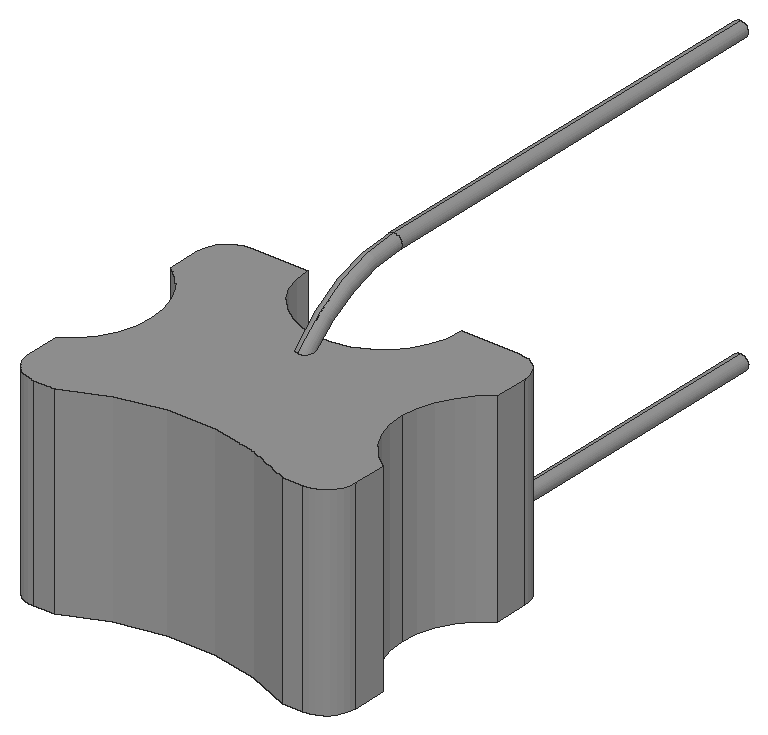
Revit family "Fiberbetonafstandsklods med wire20-25-30", category Generic Models, Revit 2019
Family settings
  Can host rebar = No
  Round Connector Dimension = Use Diameter
  Part Type = Normal
  Work Plane-Based = Yes
  Always vertical = No
  Cut with Voids When Loaded = No
  Shared = No
  Room Calculation Point = No
Parameters
  concrete = GFRC
  Width = 34 mm
  Website Link = "https://haucon.dk/produkt/fiberbetonafstandsklods/#variations"
  Top Curve R = 8 mm
  Top Curve = 0 mm
  Thickness = 21 mm
  Test Report Sheet = "https://haucon.dk/wp-content/uploads/2016/04/1121005-FIBERBETONAFSTANDSKLODS-TEST-ENG-1.pdf"
  Technical Data Sheet = "https://haucon.dk/wp-content/uploads/2016/04/1121005-Fiberbetonafstandsklods-TDS-ENG.pdf"
  Side Curve R = 9 mm
  Side Curve = 5 mm
  Metal = Metal
  Height = 28 mm
  Default Elevation = 1219.2 mm
  Bottom Curve = 22 mm
Reference planes
  plane 1 "Center (Front/Back)": y = 0
  plane 2: z = 0
  plane 3 "Center (Left/Right)": x = 0
  plane 4: y = 28
  plane 5: x = 17
  plane 6: x = -17
  plane 7: x = 22
  plane 8: x = -22
  plane 9: y = 28
  plane 10: y = 14
  plane 11: y = -22
  plane 12: z = 21
  plane 13: z = 10.5
Forms (mm)
  Extrusion 1, solid, material "Concrete, Cast in Situ, Lightweight"
    sketch origin (0, 0, 0) x (1, 0, 0) y (0, 1, 0)
      loop
        arc (-17, 3) -> (-16.121, 0.879) -> (-14, 0) r 3
        line (-14, 0) -> (13.963, 0)
        arc (13.963, 0) -> (16.111, 0.889) -> (17, 3.037) r 3.037
        line (17, 3.037) -> (17, 24.972)
        arc (17, 24.972) -> (16.113, 27.113) -> (13.972, 28) r 3.028
        line (13.972, 28) -> (-14.012, 28)
        arc (-14.012, 28) -> (-16.125, 27.125) -> (-17, 25.012) r 2.988
        line (-17, 25.012) -> (-17, 3)
    from 0 to 21
  Extrusion 2, void
    sketch origin (0, 0, 0) x (1, 0, 0) y (0, 1, 0)
      loop
        circle (22, 14) r 9
    from 0 to 25
  Extrusion 3, void
    sketch origin (0, 0, 0) x (1, 0, 0) y (0, 1, 0)
      loop
        circle (-22, 14) r 9
    from 0 to 25
  Extrusion 4, void
    sketch origin (0, 0, 0) x (1, 0, 0) y (0, 1, 0)
      loop
        circle (0, -22) r 25
    from 0 to 25
  Extrusion 5, void
    sketch origin (0, 0, 0) x (1, 0, 0) y (0, 1, 0)
      loop
        circle (0, 28) r 8
    from 0 to 25
  Sweep 6, solid, material "Aluminum"
    path origin (0, 15, 0) x (0, 1, 0) y (0, 0, 1)
      loop
        line (59.25, 26) -> (14.25, 26)
        arc (14.25, 26) -> (-1.25, 10.5) -> (14.25, -5) r 15.5
        line (14.25, -5) -> (59.25, -5)
    profile origin (0, 51.75, 26) x (0, 0, -1) y (1, 0, 0)
      loop
        circle (0, 0) r 0.796
Cuts and joins
  Extrusion 2, Extrusion 3, Extrusion 4, Extrusion 5 cuts Extrusion 1
Dimensions and locks
  equal spacing: plane 6, plane 3 "Center (Left/Right)", plane 5
  "Width": plane 6 to plane 5
  "Height": plane 1 "Center (Front/Back)" to plane 4
  "Side Curve": plane 8 to plane 6
  "Side Curve": plane 5 to plane 7
  "Top Curve": plane 9 to plane 4
  equal spacing: plane 4, plane 10, plane 1 "Center (Front/Back)"
  "Bottom Curve": plane 11 to plane 1 "Center (Front/Back)"
  equal spacing: plane 12, plane 13, level
  "Thickness": plane 12 to level
  "Side Curve R": radius of Extrusion 2 sketch curve
  "Side Curve R": radius of Extrusion 3 sketch curve
  "Top Curve R": radius of Extrusion 5 sketch curve
  aligned and locked: level to plane 2
  aligned and locked: Extrusion 1 sketch curve to plane 4
  aligned and locked: plane 6 to Extrusion 1 sketch curve
  aligned and locked: Extrusion 1 sketch curve to plane 5
  aligned and locked: Extrusion 1 sketch curve to plane 1 "Center (Front/Back)"
  aligned and locked: plane 10 to Extrusion 2 sketch curve
  aligned and locked: plane 7 to Extrusion 2 sketch curve
  aligned and locked: plane 8 to Extrusion 3 sketch curve
  aligned and locked: plane 10 to Extrusion 3 sketch curve
  aligned and locked: plane 11 to Extrusion 4 sketch curve
  aligned and locked: plane 3 "Center (Left/Right)" to Extrusion 4 sketch curve
  aligned and locked: plane 9 to Extrusion 5 sketch curve
  aligned and locked: plane 3 "Center (Left/Right)" to Extrusion 5 sketch curve
  aligned and locked: plane 12 to cut or joined group of Extrusion 1, Extrusion 2, Extrusion 3, Extrusion 4, Extrusion 5
Automatic sketch dimensions
  Extrusion 1 sketch curve to plane 4 = 2.988 mm
  Extrusion 1 sketch curve to plane 1 "Center (Front/Back)" = 3 mm
  Extrusion 1 sketch curve to plane 5 = 3.037 mm
  Extrusion 1 sketch curve to plane 4 = 3.028 mm
  Sweep 6 sketch curve to plane 13 = 0 mm
  plane 12 to Sweep 6 sketch curve = 5 mm
  plane 4 to Sweep 6 sketch curve = 1.25 mm
  plane 9 to Sweep 6 sketch curve = 46.25 mm  (x2)
  Sweep 6 sketch curve to plane 3 "Center (Left/Right)" = 0 mm
  Sweep 6 sketch curve to profile plane = 0 mm
  radius of Sweep 6 sketch curve = 0.796 mm
  radius of Extrusion 4 sketch curve = 25 mm
